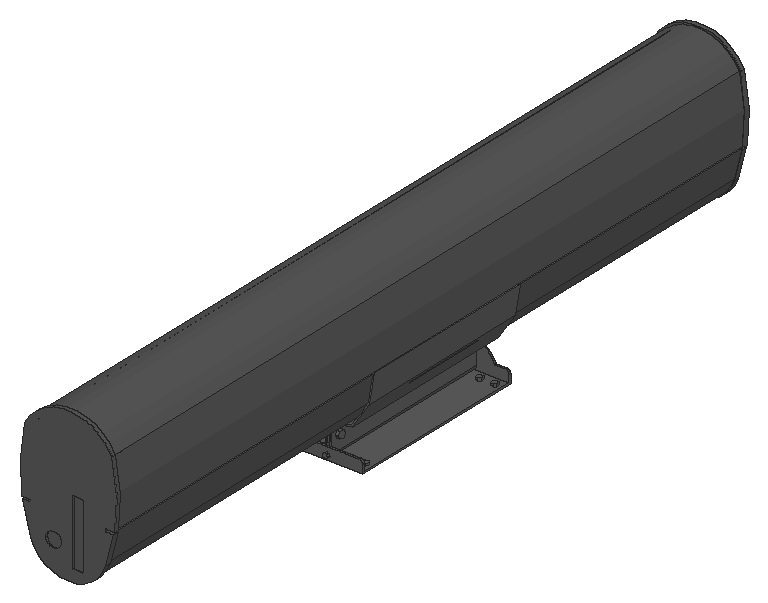
Revit family "Electronics_Desono_Biamp_Compact-Column-Point-Source-Loudspeaker_ENT212", category Communication Devices, host Face, Revit 2020
Family settings
  Host = Face
  Maintain Annotation Orientation = No
  Round Connector Dimension = Use Diameter
  Part Type = Normal
  OmniClass Number = 23.85.10.11.14.14.14
  Cut with Voids When Loaded = No
  Shared = No
  Room Calculation Point = No
Parameters (values of type "ENT212 B")
  Width = 4.64567"  # constant formula
  Weight = 27.9987 lbf  # constant formula
  URL = "https://www.biamp.com/"
  Transducers = "LF   12 x 80mm long excursion mylar driver HF  4 x 3-element Compact Ribbon Emulator"  # constant formula
  Tilt angle [instance] = 0.00°
  Shipping Weight = 33.00 lbf  # constant formula
  Rotate angle [instance] = 0.00°
  Required Accessories = "External High Pass Filter - 100 Hz, 24 dB /octave Digital Signal Processor"  # constant formula
  Recommended Amplifers = "Passive - 325 W - 650 W @ 8 Ω (51 V - 72 V)"  # constant formula
  Product data url = "https://www.bimobject.com/biamp/product/ent212_desono-column-point-source"
  Product Page URL = "https://www.biamp.com/products/product-families/desono/point-source-loudspeakers#ent212"
  Product Documentation Link = "https://downloads.biamp.com/assets/docs/default-source/data-sheets/biamp_data_sheet_desono_ent212.pdf"
  Position Note [instance] = if(Position = 1, "Position A - mounting points are guided by the factory marked pilot holes (please see the Installation/Operation manual for the details)", if(Position = 2, "Position B - mounting points are guided by the factory marked pilot holes (please see the Installation/Operation manual for the details)", if(Position = 3, "Position C - mounting points are guided by the factory marked pilot holes (please see the Installation/Operation manual for the details)", "Enter value 1 to 3")))  # "Position A - mounting points are guided by the factory marked pilot holes (please see the Installation/Operation manual for the details)"
  Position [instance] = 1
  Operating Range = "120 Hz to 22 kHz"  # constant formula
  Operating Mode = "Passive"  # constant formula
  Operating Environment = "Indoor or outdoor"  # constant formula
  Offset speaker [instance] = if(Position = 1, 25.05118", if(Position = 2, 18.64961", 12.25197"))  # 25.05118"
  Nominal Sensitivity = "Passive: 1W - 97dB; 2.83V - 97dB"  # constant formula
  Nominal Maximum SPL (Whole Space) = "Passive: Peak - 128dB; Continuous - 122dB"  # constant formula
  Nominal Beamwidth  (H x V) = "140° x  15°"  # constant formula
  Nom SA [instance] = if(and(Position = 1, or(Tilt angle < 0.00°, Tilt angle = 0.00°)), 0.00°, if(and(Position = 1, and(Tilt angle > 0.00°, Tilt angle < 4.50°)), Tilt angle, if(and(Position = 1, or(Tilt angle > 4.50°, Tilt angle = 4.50°)), 4.50°, if(and(Position = 2, or(Tilt angle < 0.00°, Tilt angle = 0.00°)), 0.00°, if(and(Position = 2, and(Tilt angle > 0.00°, Tilt angle < 6.90°)), Tilt angle, if(and(Position = 2, or(Tilt angle > 6.90°, Tilt angle = 6.90°)), 6.90°, if(and(Position = 3, or(Tilt angle < 0.00°, Tilt angle = 0.00°)), 0.00°, if(and(Position = 3, and(Tilt angle > 0.00°, Tilt angle < 10.80°)), Tilt angle, if(and(Position = 3, or(Tilt angle > 10.80°, Tilt angle = 10.80°)), 10.80°, 0.00°)))))))))  # 0.00°
  Nom RA [instance] = if(or(Rotate angle < -55.00°, Rotate angle = -55.00°), 55.00°, if(and(Rotate angle > -55.00°, Rotate angle < 55.00°), Rotate angle, if(or(Rotate angle > 55.00°, Rotate angle = 55.00°), 55.00°, 0.00°)))  # 0.00°
  Mounting Points = "Small pan-tilt mounting bracket included;(up to 10.8° down-tilt, ± 55° panning)"  # constant formula
  Model = "ENT212 B"
  Manufacturer = "Biamp"  # constant formula
  Input Connection = "NL4-type connector for low impedance operation, and 8-position terminal strip for low impedance or constant voltage operation"  # constant formula
  Housing Material = Biamp - Plastic - Black
  Height_2 = 39.09449"  # constant formula
  Grill Material = Biamp - Plastic - Black(Grid)
  Equalized Sensitivity = "Sustem: 1W - 97dB; 2.83V - 97dB"  # constant formula
  Equalized Maximum SPL = "System: Peak - 128dB; Continuous - 122dB"  # constant formula
  Environmental = "IP54 per IEC 60529, designed in accordance with MIL-STD-810G Included ABS plastic rain cover with integrated cable inlet and 1 (25.4mm) knockout for conduit ingress"  # constant formula
  Description = "Desono™ ENT212 Two-Way, Compact Column Line Source Loudspeaker"  # constant formula
  Depth = 7.48031"  # constant formula
  Default Elevation = 48"
  Continuous Power Handling Nominal Impedance = "Passive; 51V; 325W @ 8Ω (1300W peak)"  # constant formula
  Connector Description = "Terminal strip; Low impedance 8 ohms, 70/100V operation"  # constant formula
  Bracket Material = Biamp - Metal - Black
  Autoformer = "70 V - 120 W,60 W,30 W,15W,7.5 W;100 V - 120 W,60 W,30 W,15 W"  # constant formula
Types (3): name | Model | Housing Material | Grill Material | Bracket Material
  (no name) | "ENT212 B" | Biamp - Plastic - Black | Biamp - Plastic - Black(Grid) | Biamp - Metal - Black
  ENT212 W | "ENT212 W" | Biamp - Plastic - White | Biamp - Plastic - White(Grid) | Biamp - Metal - White
  ENT212 B | "ENT212 B" | Biamp - Plastic - Black | Biamp - Plastic - Black(Grid) | Biamp - Metal - Black
Reference planes (in)
  plane 1 "Center (Front/Back)": y = 0
  plane 2: z = 0
  plane 3 "Center (Left/Right)": x = 0
  plane 4: z = 0.31496
Dimensions and locks (in)
  aligned and locked: plane 2 to host face
  aligned and locked: level to host face
Nested families (in)
  nested 1: "Tilt Bracket" at (0, 0, 0), Rotate angle <- "Nom RA", Slope angle <- "Nom SA", Housing Material <- "Bracket Material", type "Tilt Bracket"
    with Slope angle 0.00°, Rotate angle 0.00°, Housing Material Biamp - Metal - Black
  nested 2: "ENT212" at (0, 4.47638, 5.43033) x (-1, 0, 0) z (0, -1, 0), Grill <- "Grill Material", Housing Material <- "Housing Material", Offset <- "Offset speaker", type "ENT212"
    with Offset 25.05118", Housing Material Biamp - Plastic - Black, Grill Biamp - Plastic - Black(Grid)
Connectors (in)
  electrical at (-0.71337, -20.49801, 3.25247)
    settings: on nested 2, index 1, voltage 0 V, apparent load 0 VA, apparent load phase1 0 VA, apparent load phase2 0 VA, apparent load phase3 0 VA, power factor 1, load classification "Other", number of poles 1, system type 5, power factor state 1, is connector primary yes, connector utility no, sub classification motor no, connector description "NL4 connector; Low impedance 8 ohms"
  electrical at (0.4939, -20.49801, 3.9107), driven by "Connector Description"
    settings: on nested 2, index 2, voltage 0 V, apparent load 0 VA, apparent load phase1 0 VA, apparent load phase2 0 VA, apparent load phase3 0 VA, power factor 1, load classification "Other", number of poles 1, system type 5, power factor state 1, is connector primary no, connector utility no, sub classification motor no, connector description "Terminal strip; Low impedance 8 ohms, 70/100V operation"
Definition of nested family "Tilt Bracket"
  Parameters (values of type "Tilt Bracket")
    URL = ""
    Slope angle [instance] = 0.00°
    Rotate angle [instance] = 0.00°
    Product data url = ""
    Product Page URL = ""
    Product Documentation Link = ""
    Model = ""
    Manufacturer = ""
    Housing Material [instance] = none
    Height = 0"
    Description = ""
    Default Elevation = 48"
  Reference planes (in)
    plane 1 "Center (Front/Back)": y = 0
    plane 2: z = 0
    plane 3 "Center (Left/Right)": x = 0
    plane 4: z = 0.31496
  Forms (in)
    Extrusion 1, solid
      sketch origin (0, 0, 0) x (1, 0, 0) y (0, 1, 0)
        loop
          line (-48, 48) -> (-48, -48) -> (48, -48) -> (48, 48) -> (-48, 48)
      from 0 to -12
    Extrusion 2, solid, material <- "Housing Material"
      sketch origin (0, 0, 0) x (1, 0, 0) y (0, 0, 1)
        loop
          line (-1.77165, 0) -> (1.77165, 0) -> (1.77165, 0.43307)
          arc (1.77165, 0.43307) -> (1.714, 0.57227) -> (1.5748, 0.62992) r 0.19685
          line (1.5748, 0.62992) -> (1.06299, 0.62992)
          arc (1.06299, 0.62992) -> (0, 1.37795) -> (-1.06299, 0.62992) r 1.1293
          line (-1.06299, 0.62992) -> (-1.5748, 0.62992)
          arc (-1.5748, 0.62992) -> (-1.714, 0.57227) -> (-1.77165, 0.43307) r 0.19685
          line (-1.77165, 0.43307) -> (-1.77165, 0)
      from -4.56693 to 4.56693
    Extrusion 3, void
      sketch origin (0, 0, 0) x (0, 1, 0) y (0, 0, 1)
        loop
          line (4.48819, 1.85039) -> (-4.48819, 1.85039) -> (-4.48819, 0.07874) -> (4.48819, 0.07874) -> (4.48819, 1.85039)
      from -3.00698 to 2.93513
    Extrusion 4, void
      sketch origin (0, 0, 0) x (0, 1, 0) y (0, 0, 1)
        loop
          line (-4.05151, 1.85039) -> (-5.23261, 1.85039) -> (-5.23261, 0.62992) -> (-4.05151, 0.62992) -> (-4.05151, 1.85039)
      from -3.00698 to 2.93513
    Extrusion 5, solid, material <- "Housing Material"
      sketch origin (0, 0, 0.31496) x (0, 0, 1) y (-1, 0, 0)
        loop
          line (1.05533, 0.14607) -> (-0.07041, 0.14607)
          arc (-0.07041, 0.14607) -> (-0.21647, 0) -> (-0.07041, -0.14607) r 0.14607
          line (-0.07041, -0.14607) -> (1.05533, -0.14607)
          arc (1.05533, -0.14607) -> (1.15376, -0.24449) -> (1.25218, -0.14607) r 0.09843
          line (1.25218, -0.14607) -> (1.25218, -0.05906) -> (0.14445, -0.05906) -> (0.14445, 0.05906) -> (1.25218, 0.05906) -> (1.25218, 0.14607)
          arc (1.25218, 0.14607) -> (1.15376, 0.24449) -> (1.05533, 0.14607) r 0.09843
      from -4.47638 to 4.47638
    Extrusion 6, solid, material <- "Housing Material"
      sketch origin (0, 0, 0.31496) x (0, 0, 1) y (-1, 0, 0)
        loop
          line (1.15376, 0.24449) -> (-0.02734, 0.24449)
          arc (-0.02734, 0.24449) -> (-0.27183, 0) -> (-0.02734, -0.24449) r 0.24449
          line (-0.02734, -0.24449) -> (1.15376, -0.24449)
          arc (1.15376, -0.24449) -> (1.22336, -0.21566) -> (1.25218, -0.14607) r 0.09843
          line (1.25218, -0.14607) -> (1.25218, 0.14607)
          arc (1.25218, 0.14607) -> (1.22336, 0.21566) -> (1.15376, 0.24449) r 0.09843
      from -4.6063 to -4.56693
    Extrusion 7, solid, material <- "Housing Material", detail levels medium+fine
      sketch origin (0, 0, 0) x (1, 0, 0) y (0, 1, 0)
        loop
          line (-1.41187, 4.15603) -> (-1.55491, 4.11771) -> (-1.59323, 3.97467) -> (-1.48852, 3.86996) -> (-1.34549, 3.90829) -> (-1.30716, 4.05132) -> (-1.41187, 4.15603)
        loop
          line (-0.65662, 4.15603) -> (-0.79966, 4.11771) -> (-0.83799, 3.97467) -> (-0.73328, 3.86996) -> (-0.59024, 3.90829) -> (-0.55191, 4.05132) -> (-0.65662, 4.15603)
        loop
          line (1.41187, 4.15603) -> (1.30716, 4.05132) -> (1.34549, 3.90829) -> (1.48852, 3.86996) -> (1.59323, 3.97467) -> (1.55491, 4.11771) -> (1.41187, 4.15603)
        loop
          line (0.65662, 4.15603) -> (0.55191, 4.05132) -> (0.59024, 3.90829) -> (0.73328, 3.86996) -> (0.83799, 3.97467) -> (0.79966, 4.11771) -> (0.65662, 4.15603)
        loop
          line (-1.41187, -4.15603) -> (-1.30716, -4.05132) -> (-1.34549, -3.90829) -> (-1.48852, -3.86996) -> (-1.59323, -3.97467) -> (-1.55491, -4.11771) -> (-1.41187, -4.15603)
        loop
          line (-0.65662, -4.15603) -> (-0.55191, -4.05132) -> (-0.59024, -3.90829) -> (-0.73328, -3.86996) -> (-0.83799, -3.97467) -> (-0.79966, -4.11771) -> (-0.65662, -4.15603)
        loop
          line (1.41187, -4.15603) -> (1.55491, -4.11771) -> (1.59323, -3.97467) -> (1.48852, -3.86996) -> (1.34549, -3.90829) -> (1.30716, -4.05132) -> (1.41187, -4.15603)
        loop
          line (0.65662, -4.15603) -> (0.79966, -4.11771) -> (0.83799, -3.97467) -> (0.73328, -3.86996) -> (0.59024, -3.90829) -> (0.55191, -4.05132) -> (0.65662, -4.15603)
      from 0.07874 to 0.19685
    Extrusion 8, solid, material <- "Housing Material", detail levels medium+fine
      sketch origin (-0.14607, 0, 1.37029) x (0, 0, -1) y (0, -1, 0)
        loop
          line (0.15695, 4.1717) -> (0.15695, 3.97485) -> (0.32743, 3.87642) -> (0.49791, 3.97485) -> (0.49791, 4.1717) -> (0.32743, 4.27012) -> (0.15695, 4.1717)
      from 0 to 0.19685
    Extrusion 9, solid, material <- "Housing Material", detail levels medium+fine
      sketch origin (-0.14607, 0, 1.37029) x (0, 0, -1) y (0, -1, 0)
        loop
          line (0.15695, 4.1717) -> (0.15695, 3.97485) -> (0.32743, 3.87642) -> (0.49791, 3.97485) -> (0.49791, 4.1717) -> (0.32743, 4.27012) -> (0.15695, 4.1717)
      from -0.48819 to -0.29213
    Extrusion 10, solid, material <- "Housing Material", detail levels medium+fine
      sketch origin (0, 4.6063, 0.31496) x (0, 0, -1) y (-1, 0, 0)
        loop
          circle (-1.15376, -0.15463) r 0.07784
        loop
          circle (-1.15376, 0.15463) r 0.07784
      from 0 to 0.11811
    Extrusion 11, solid, material <- "Housing Material", detail levels medium+fine
      sketch origin (0, 4.6063, 0.31496) x (0, 0, -1) y (-1, 0, 0)
        loop
          line (-0.0514, 0.02148) -> (-0.0091, -0.09475) -> (0.11271, -0.11623) -> (0.19221, -0.02148) -> (0.14991, 0.09475) -> (0.0281, 0.11623) -> (-0.0514, 0.02148)
      from 0 to 0.11811
    Extrusion 12, solid, material <- "Housing Material", detail levels medium+fine
      sketch origin (0, -1.71654, 0.31496) x (0, 0, -1) y (1, 0, 0)
        loop
          line (-0.0514, -0.02148) -> (0.0281, -0.11623) -> (0.14991, -0.09475) -> (0.19221, 0.02148) -> (0.11271, 0.11623) -> (-0.0091, 0.09475) -> (-0.0514, -0.02148)
      from 2.85039 to 2.9685
  Cuts and joins
    Extrusion 3, Extrusion 4 cuts Extrusion 2
  Lines and regions (in)
    Masking region 1
      outline origin (0, 0, 0) x (1, 0, 0) y (0, 1, 0)
        loop
          line (-1.77165, 4.56693) -> (-1.77165, -4.56693) -> (1.77165, -4.56693) -> (1.77165, 4.56693) -> (-1.77165, 4.56693)
    Masking region 2
      outline origin (0, 0, 0) x (1, 0, 0) y (0, 0, 1)
        loop
          line (-1.77165, 0.43307) -> (-1.77165, 0) -> (1.77165, 0) -> (1.77165, 0.43307)
          arc (1.77165, 0.43307) -> (1.714, 0.57227) -> (1.5748, 0.62992) r 0.19685
          line (1.5748, 0.62992) -> (-1.5748, 0.62992)
          arc (-1.5748, 0.62992) -> (-1.714, 0.57227) -> (-1.77165, 0.43307) r 0.19685
    Masking region 3
      outline origin (0, 0, 0) x (1, 0, 0) y (0, 0, 1)
        loop
          arc (1.06299, 0.62992) -> (0, 1.37795) -> (-1.06299, 0.62992) r 1.1293
          line (-1.06299, 0.62992) -> (1.06299, 0.62992)
    Masking region 4
      outline origin (0, 0, 0.31496) x (0, 0, 1) y (-1, 0, 0)
        loop
          line (1.05533, 0.14607) -> (-0.07041, 0.14607)
          arc (-0.07041, 0.14607) -> (-0.21647, 0) -> (-0.07041, -0.14607) r 0.14607
          line (-0.07041, -0.14607) -> (1.05533, -0.14607)
          arc (1.05533, -0.14607) -> (1.15376, -0.24449) -> (1.25218, -0.14607) r 0.09843
          line (1.25218, -0.14607) -> (1.25218, -0.05906) -> (0.14445, -0.05906) -> (0.14445, 0.05906) -> (1.25218, 0.05906) -> (1.25218, 0.14607)
          arc (1.25218, 0.14607) -> (1.15376, 0.24449) -> (1.05533, 0.14607) r 0.09843
    reference lines
      curve 1: line (0, 0, 0.31496) -> (0, 0, 2.67717)
      curve 2: line (0, -1.12051, 1.04286) -> (0, -4.07327, 1.04286)
      curve 3: line (0, -4.07327, 1.04286) -> (0, -1.07496, 1.04286)
  Dimensions and locks (in)
    "Rotate angle": angle curve 1 to plane 3 "Center (Left/Right)"
    "Slope angle": angle curve 3 to curve 2
    aligned and locked: plane 2 to Extrusion 1
    aligned and locked: level to Extrusion 1
    aligned and locked: plane 4 to curve 1
    aligned and locked: plane 3 "Center (Left/Right)" to curve 1
  Automatic sketch dimensions
    Extrusion 1 sketch curve to Extrusion 1 sketch curve = 96"  (x2)
    Extrusion 2 sketch curve to level = 0"
    Extrusion 2 sketch curve to plane 3 "Center (Left/Right)" = 0"
    plane 4 to Extrusion 2 sketch curve = 0.31496"  (x2)
    Extrusion 2 sketch curve to plane 3 "Center (Left/Right)" = 1.06299"
    Extrusion 2 sketch curve to Extrusion 2 sketch curve = 0.51181"  (x2)
    plane 4 to Extrusion 2 sketch curve = 0.11811"  (x2)
    Extrusion 2 sketch curve to plane 4 = 0.06631"
    curve 1 to Extrusion 5 sketch curve = 0"
    Extrusion 5 sketch curve to curve 1 = 0.07041"
    Extrusion 5 sketch curve to curve 1 = 0.05906"
    curve 1 to Extrusion 5 sketch curve = 0.14445"
    curve 1 to Extrusion 5 sketch curve = 0.14607"
    Extrusion 5 sketch curve to Extrusion 5 sketch curve = 0.91089"
    Extrusion 5 sketch curve to Extrusion 5 sketch curve = 0"
    Extrusion 5 sketch curve to Extrusion 5 sketch curve = 0.09843"  (x2)
    curve 1 to Extrusion 5 sketch curve = 0.05906"
    curve 1 to Extrusion 6 sketch curve = 0"
    Extrusion 6 sketch curve to curve 1 = 0.02734"
    Extrusion 6 sketch curve to curve 1 = 0.14607"
    curve 1 to Extrusion 6 sketch curve = 1.15376"
    curve 1 to Extrusion 6 sketch curve = 0.14607"
    Extrusion 6 sketch curve to Extrusion 6 sketch curve = 0.09843"
    Extrusion 5 to Extrusion 8 sketch curve = 0.15695"
    Extrusion 8 sketch curve to Extrusion 8 sketch curve = 0.17048"  (x3)
    Extrusion 5 to Extrusion 8 sketch curve = 0.59996"
    Extrusion 8 sketch curve to Extrusion 8 sketch curve = 0.09843"  (x3)
    Extrusion 8 sketch curve to Extrusion 8 sketch curve = 0.19685"  (x2)
    Extrusion 5 to Extrusion 9 sketch curve = 0.15695"
    Extrusion 9 sketch curve to Extrusion 9 sketch curve = 0.17048"  (x3)
    Extrusion 5 to Extrusion 9 sketch curve = 0.59996"
    Extrusion 9 sketch curve to Extrusion 9 sketch curve = 0.09843"  (x3)
    Extrusion 9 sketch curve to Extrusion 9 sketch curve = 0.19685"  (x2)
    Extrusion 10 sketch curve to Extrusion 6 = 0.09843"  (x2)
    Extrusion 10 sketch curve to Extrusion 6 = 0.08986"  (x2)
    Extrusion 11 sketch curve to Extrusion 6 = 0.22301"  (x2)
    Extrusion 11 sketch curve to Extrusion 6 = 1.20078"
    Extrusion 11 sketch curve to Extrusion 6 = 0.14974"  (x2)
    Extrusion 11 sketch curve to Extrusion 11 sketch curve = 0.0423"  (x2)
    Extrusion 11 sketch curve to Extrusion 6 = 0.12826"  (x2)
    Extrusion 11 sketch curve to Extrusion 11 sketch curve = 0.07951"
    Extrusion 11 sketch curve to Extrusion 11 sketch curve = 0.12181"  (x2)
    Extrusion 12 sketch curve to plane 3 "Center (Left/Right)" = 0.02148"
    plane 4 to Extrusion 12 sketch curve = 0.0514"
    plane 4 to Extrusion 12 sketch curve = 0.0091"
    Extrusion 12 sketch curve to plane 4 = 0.0281"
    Extrusion 12 sketch curve to plane 4 = 0.11271"
    Extrusion 12 sketch curve to Extrusion 12 sketch curve = 0.12181"
    plane 3 "Center (Left/Right)" to Extrusion 12 sketch curve = 0.02148"
    level to Extrusion 12 sketch curve = 0.12275"
    Extrusion 12 sketch curve to plane 3 "Center (Left/Right)" = 0.09475"
    Extrusion 12 sketch curve to plane 3 "Center (Left/Right)" = 0.11623"
    plane 3 "Center (Left/Right)" to Extrusion 12 sketch curve = 0.09475"
    plane 3 "Center (Left/Right)" to Extrusion 12 sketch curve = 0.11623"
    Masking region 1 sketch curve to plane 3 "Center (Left/Right)" = 1.77165"
    plane 3 "Center (Left/Right)" to Masking region 1 sketch curve = 1.77165"
    plane 1 "Center (Front/Back)" to Masking region 1 sketch curve = 4.56693"
    Masking region 1 sketch curve to plane 1 "Center (Front/Back)" = 4.56693"
    Masking region 2 sketch curve to level = 0"
    plane 4 to Masking region 2 sketch curve = 0.11811"  (x2)
    Masking region 2 sketch curve to plane 3 "Center (Left/Right)" = 1.77165"
    Masking region 2 sketch curve to Masking region 2 sketch curve = 0.19685"
    plane 3 "Center (Left/Right)" to Masking region 2 sketch curve = 1.5748"
    Masking region 3 sketch curve to plane 3 "Center (Left/Right)" = 0"
    Masking region 3 sketch curve to plane 4 = 0.06631"
    plane 4 to Masking region 3 sketch curve = 0.31496"
    Masking region 3 sketch curve to plane 3 "Center (Left/Right)" = 1.06299"
    curve 1 to Masking region 4 sketch curve = 0"
    Masking region 4 sketch curve to curve 1 = 0.07041"
    curve 1 to Masking region 4 sketch curve = 0.05906"
    curve 1 to Masking region 4 sketch curve = 0.14445"
    curve 1 to Masking region 4 sketch curve = 0.14607"
    Masking region 4 sketch curve to Masking region 4 sketch curve = 0.91089"
    Masking region 4 sketch curve to Masking region 4 sketch curve = 0"
    Masking region 4 sketch curve to Masking region 4 sketch curve = 0.09843"  (x2)
    Masking region 4 sketch curve to curve 1 = 0.05906"
    plane 4 to Extrusion 4 sketch curve = 1.53543"
    plane 1 "Center (Front/Back)" to Extrusion 4 sketch curve = 5.23261"
    plane 4 to Extrusion 4 sketch curve = 0.31496"
    Extrusion 4 sketch curve to Extrusion 4 sketch curve = 1.1811"
    plane 4 to Extrusion 3 sketch curve = 1.53543"
    plane 1 "Center (Front/Back)" to Extrusion 3 sketch curve = 4.48819"
    level to Extrusion 3 sketch curve = 0.07874"
    Extrusion 3 sketch curve to plane 1 "Center (Front/Back)" = 4.48819"
    Extrusion 7 sketch curve to plane 3 "Center (Left/Right)" = 1.59323"  (x2)
    Extrusion 7 sketch curve to Extrusion 7 sketch curve = 0.03833"  (x26)
    Extrusion 7 sketch curve to Extrusion 7 sketch curve = 0.10471"  (x22)
    Extrusion 7 sketch curve to Extrusion 7 sketch curve = 0.14304"  (x32)
    Extrusion 7 sketch curve to Extrusion 7 sketch curve = 0.46917"  (x4)
    plane 3 "Center (Left/Right)" to Extrusion 7 sketch curve = 0.55191"  (x2)
    plane 1 "Center (Front/Back)" to Extrusion 7 sketch curve = 4.15603"
    Extrusion 7 sketch curve to Extrusion 7 sketch curve = 0"  (x6)
    Extrusion 7 sketch curve to plane 1 "Center (Front/Back)" = 3.86996"
    curve 1 to curve 2 = 0.7279"
    curve 1 to curve 3 = 4.07327"
    radius of Extrusion 10 sketch curve = 0.07784"  (x2)
  Nested families (in)
    nested 1: "Family4" at (0, 4.47638, 2.94468) x (1, 0, 0) z (0, -1, 0), Bracket Material <- "Housing Material", type "Family4"
      with Bracket Material none
  Definition of nested family "Family4"
    Parameters (values of type "Family4")
      Height = 0"
      Default Elevation = 48"
      Bracket Material [instance] = none
    Reference planes (in)
      plane 1 "Center (Front/Back)": y = 0
      plane 2: z = 0
      plane 3 "Center (Left/Right)": x = 0
    Forms (in)
      Extrusion 1, solid, material <- "Bracket Material"
        sketch origin (0, 0, 0) x (1, 0, 0) y (0, 1, 0)
          loop
            line (-1.98147, 0.23976) -> (-2.19371, 1.57983) -> (-1.85078, 1.57983) -> (-1.85078, 1.67386) -> (-2.28833, 1.67386) -> (-2.05662, 0.21091) -> (-1.22109, -1.0757) -> (-0.04675, -1.31511) -> (-0.04675, -2.16535) -> (0.04675, -2.16535) -> (0.04675, -1.31511) -> (1.22109, -1.0757) -> (2.05662, 0.21091) -> (2.28833, 1.67386) -> (1.85078, 1.67386) -> (1.85078, 1.57983) -> (2.19371, 1.57983) -> (1.98147, 0.23976) -> (1.17302, -1.00514) -> (0, -1.24428) -> (-1.17302, -1.00514) -> (-1.98147, 0.23976)
        from 0 to 8.95276
    Lines and regions (in)
      Masking region 1
        outline origin (0, 0, 0) x (1, 0, 0) y (0, 1, 0)
          loop
            line (-2.05662, 0.21091) -> (-1.22109, -1.0757) -> (-0.04675, -1.31511) -> (-0.04675, -2.16535) -> (0.04675, -2.16535) -> (0.04675, -1.31511) -> (1.22109, -1.0757) -> (2.05662, 0.21091) -> (2.28833, 1.67386) -> (1.85078, 1.67386) -> (1.85078, 1.57983) -> (2.19371, 1.57983) -> (1.98147, 0.23976) -> (1.17302, -1.00514) -> (0, -1.24428) -> (-1.17302, -1.00514) -> (-1.98147, 0.23976) -> (-2.19371, 1.57983) -> (-1.85078, 1.57983) -> (-1.85078, 1.67386) -> (-2.28833, 1.67386) -> (-2.05662, 0.21091)
      Masking region 2
        outline origin (0, 0, 0) x (1, 0, 0) y (0, 0, 1)
          loop
            line (-2.28833, 8.95276) -> (-2.28833, 0) -> (-2.05662, 0) -> (-2.05662, 8.95276) -> (-2.28833, 8.95276)
          loop
            line (2.28833, 8.95276) -> (2.05662, 8.95276) -> (2.05662, 0) -> (2.28833, 0) -> (2.28833, 8.95276)
          loop
            line (-1.22109, 8.95276) -> (-1.22109, 0) -> (1.22109, 0) -> (1.22109, 8.95276) -> (-1.22109, 8.95276)
      Masking region 3
        outline origin (0, 0, 0) x (1, 0, 0) y (0, 0, 1)
          loop
            line (-2.05662, 8.95276) -> (-2.05662, 0) -> (-1.22109, 0) -> (-1.22109, 8.95276) -> (-2.05662, 8.95276)
          loop
            line (1.22109, 8.95276) -> (1.22109, 0) -> (2.05662, 0) -> (2.05662, 8.95276) -> (1.22109, 8.95276)
          loop
            line (-0.04675, 8.95276) -> (-0.04675, 0) -> (0.04675, 0) -> (0.04675, 8.95276) -> (-0.04675, 8.95276)
    Dimensions and locks (in)
      aligned and locked: level to plane 2
Definition of nested family "ENT212"
  Parameters (values of type "ENT212")
    Offset [instance] = 1.9685"
    Housing Material [instance] = none
    Grill [instance] = none
    Default Elevation = 48"
  Reference planes (in)
    plane 1 "Center (Front/Back)": y = 0
    plane 2: z = 0
    plane 3 "Center (Left/Right)": x = 0
  Forms (in)
    Extrusion 1, solid, material <- "Housing Material", detail levels coarse
      sketch origin (-4.6479, 0, 1.9685) x (0, -1, 0) y (-1, 0, 0)
        loop
          arc (-2.41627, -2.84622) -> (-3.68805, -4.6479) -> (-2.41627, -6.44958) r 1.91207
          arc (-2.41627, -6.44958) -> (0, -6.93922) -> (2.45687, -6.73452) r 8.73895
          arc (2.45687, -6.73452) -> (3.72982, -4.6479) -> (2.45687, -2.56128) r 2.34667
          arc (2.45687, -2.56128) -> (0, -2.35658) -> (-2.41627, -2.84622) r 8.73895
      from 0 to 39.10984
    Extrusion 2, solid, material <- "Housing Material", detail levels medium+fine
      sketch origin (-4.6479, 0, 1.9685) x (0, -1, 0) y (-1, 0, 0)
        loop
          arc (-2.44264, -2.77202) -> (-3.76679, -4.6479) -> (-2.44264, -6.52378) r 1.99081
          arc (-2.44264, -6.52378) -> (-1.68569, -6.75508) -> (-0.91106, -6.91758) r 8.81769
          line (-0.91106, -6.91758) -> (-0.91106, -6.49868) -> (-0.80552, -6.49868) -> (-0.80552, -6.93416)
          arc (-0.80552, -6.93416) -> (0.84513, -7.02649) -> (2.48401, -6.80908) r 8.81769
          arc (2.48401, -6.80908) -> (3.80856, -4.6479) -> (2.48401, -2.48672) r 2.42541
          arc (2.48401, -2.48672) -> (0.84513, -2.26931) -> (-0.80552, -2.36164) r 8.81769
          line (-0.80552, -2.36164) -> (-0.80552, -2.79712) -> (-0.91106, -2.79712) -> (-0.91106, -2.37822)
          arc (-0.91106, -2.37822) -> (-1.68569, -2.54072) -> (-2.44264, -2.77202) r 8.81769
      from 0 to 0.19685
    Extrusion 3, solid, material <- "Housing Material", detail levels medium+fine
      sketch origin (-4.6479, 0, 1.9685) x (0, -1, 0) y (-1, 0, 0)
        loop
          arc (-2.44264, -2.77202) -> (-3.76679, -4.6479) -> (-2.44264, -6.52378) r 1.99081
          arc (-2.44264, -6.52378) -> (-1.68569, -6.75508) -> (-0.91106, -6.91758) r 8.81769
          line (-0.91106, -6.91758) -> (-0.91106, -6.49868) -> (-0.80552, -6.49868) -> (-0.80552, -6.93416)
          arc (-0.80552, -6.93416) -> (0.84513, -7.02649) -> (2.48401, -6.80908) r 8.81769
          arc (2.48401, -6.80908) -> (3.80856, -4.6479) -> (2.48401, -2.48672) r 2.42541
          arc (2.48401, -2.48672) -> (0.84513, -2.26931) -> (-0.80552, -2.36164) r 8.81769
          line (-0.80552, -2.36164) -> (-0.80552, -2.79712) -> (-0.91106, -2.79712) -> (-0.91106, -2.37822)
          arc (-0.91106, -2.37822) -> (-1.68569, -2.54072) -> (-2.44264, -2.77202) r 8.81769
      from 38.91339 to 39.10984
    Extrusion 4, solid, material <- "Housing Material", detail levels medium+fine
      sketch origin (-4.6479, 0, 1.9685) x (0, -1, 0) y (-1, 0, 0)
        loop
          arc (-2.41627, -2.84622) -> (-3.68805, -4.6479) -> (-2.41627, -6.44958) r 1.91207
          arc (-2.41627, -6.44958) -> (-1.67231, -6.67722) -> (-0.91106, -6.83779) r 8.73895
          line (-0.91106, -6.83779) -> (-0.91106, -6.49868) -> (-0.80552, -6.49868) -> (-0.80552, -6.85452)
          arc (-0.80552, -6.85452) -> (0.83132, -6.94821) -> (2.45687, -6.73452) r 8.73895
          line (2.45687, -6.73452) -> (2.45687, -2.56128)
          arc (2.45687, -2.56128) -> (0.83132, -2.34759) -> (-0.80552, -2.44128) r 8.73895
          line (-0.80552, -2.44128) -> (-0.80552, -2.79712) -> (-0.91106, -2.79712) -> (-0.91106, -2.45801)
          arc (-0.91106, -2.45801) -> (-1.67231, -2.61858) -> (-2.41627, -2.84622) r 8.73895
      from 0.19685 to 38.91339
    Extrusion 5, solid, material <- "Grill", detail levels medium+fine
      sketch origin (-4.6479, 0, 1.9685) x (0, -1, 0) y (-1, 0, 0)
        loop
          line (2.45687, -2.56128) -> (2.45687, -2.78541)
          arc (2.45687, -2.78541) -> (3.53297, -4.6479) -> (2.45687, -6.51039) r 2.14982
          line (2.45687, -6.51039) -> (2.45687, -6.73452)
          arc (2.45687, -6.73452) -> (3.72982, -4.6479) -> (2.45687, -2.56128) r 2.34667
      from 0.19685 to 38.91339
    Extrusion 6, void
      sketch origin (-4.6479, 0, 1.9685) x (-1, 0, 0) y (0, -1, 0)
        loop
          line (-3.87103, -3.16826) -> (-3.87103, 0.12899) -> (-4.43697, 0.12899) -> (-4.43697, -3.16826) -> (-3.87103, -3.16826)
        loop
          circle (-5.36127, -2.17786) r 0.3937
      from -0.07679 to 0
  Cuts and joins
    Extrusion 6 cuts Extrusion 1
    Extrusion 6 cuts Extrusion 2
    Extrusion 6 cuts Extrusion 4
    Extrusion 6 cuts Extrusion 3
  Lines and regions (in)
    Masking region 1
      outline origin (-4.6479, 0, -11.85039) x (0, -1, 0) y (1, 0, 0)
        loop
          arc (-2.44264, 6.52378) -> (-3.76679, 4.6479) -> (-2.44264, 2.77202) r 1.99081
          arc (-2.44264, 2.77202) -> (-1.68569, 2.54072) -> (-0.91106, 2.37822) r 8.81769
          line (-0.91106, 2.37822) -> (-0.91106, 2.79712) -> (-0.80552, 2.79712) -> (-0.80552, 2.36164)
          arc (-0.80552, 2.36164) -> (0.84513, 2.26931) -> (2.48401, 2.48672) r 8.81769
          arc (2.48401, 2.48672) -> (3.80856, 4.6479) -> (2.48401, 6.80908) r 2.42541
          arc (2.48401, 6.80908) -> (0.84513, 7.02649) -> (-0.80552, 6.93416) r 8.81769
          line (-0.80552, 6.93416) -> (-0.80552, 6.49868) -> (-0.91106, 6.49868) -> (-0.91106, 6.91758)
          arc (-0.91106, 6.91758) -> (-1.68569, 6.75508) -> (-2.44264, 6.52378) r 8.81769
    Masking region 2
      outline origin (-4.6479, 0, 5.74803) x (1, 0, 0) y (0, 0, 1)
        loop
          line (2.26294, -3.77953) -> (2.26294, -3.97638) -> (7.03286, -3.97638) -> (7.03286, -3.77953) -> (2.26294, -3.77953)
        loop
          line (2.26294, -42.69252) -> (2.26294, -42.88937) -> (7.03286, -42.88937) -> (7.03286, -42.69252) -> (2.26294, -42.69252)
    Masking region 3
      outline origin (-4.6479, 0, 5.74803) x (1, 0, 0) y (0, 0, 1)
        loop
          line (2.56128, -3.97638) -> (2.34168, -3.97638) -> (2.34168, -42.69291) -> (2.56128, -42.69291) -> (2.56128, -3.97638)
        loop
          line (6.73452, -3.97638) -> (6.73452, -42.69291) -> (6.95412, -42.69291) -> (6.95412, -3.97638) -> (6.73452, -3.97638)
    Masking region 4
      outline origin (-4.6479, 0, 5.74803) x (1, 0, 0) y (0, 0, 1)
        loop
          line (2.56128, -3.97638) -> (2.56128, -42.69291) -> (6.73452, -42.69291) -> (6.73452, -3.97638) -> (2.56128, -3.97638)
    reference lines
      curve 1: line (-4.6479, 0, 1.9685) -> (6.17887, 0, 1.9685)
  Dimensions and locks (in)
    "Offset": curve 1 to plane 2
    aligned and locked: level to plane 2
  Automatic sketch dimensions
    Masking region 1 sketch curve to Masking region 1 sketch curve = 0"  (x5)
    Masking region 1 sketch curve to plane 3 "Center (Left/Right)" = 0"  (x2)
    Masking region 1 sketch curve to plane 1 "Center (Front/Back)" = 1.77598"
    Masking region 1 sketch curve to plane 1 "Center (Front/Back)" = 0.91106"  (x2)
    Masking region 1 sketch curve to Masking region 1 sketch curve = 0.10554"  (x2)
    plane 1 "Center (Front/Back)" to Masking region 1 sketch curve = 0.51011"  (x2)
    plane 1 "Center (Front/Back)" to Masking region 1 sketch curve = 1.38315"
    Masking region 1 sketch curve to plane 3 "Center (Left/Right)" = 1.85078"
    Masking region 1 sketch curve to Masking region 1 sketch curve = 0.4189"  (x2)
    Masking region 1 sketch curve to Masking region 1 sketch curve = 0.01658"  (x2)
    Masking region 1 sketch curve to Masking region 1 sketch curve = 4.14647"  (x2)
    plane 3 "Center (Left/Right)" to Masking region 1 sketch curve = 1.85078"
    Masking region 1 sketch curve to plane 3 "Center (Left/Right)" = 2.16118"
    Extrusion 2 sketch curve to Extrusion 2 sketch curve = 0"  (x5)
    Extrusion 2 sketch curve to curve 1 = 1.77598"
    Extrusion 2 sketch curve to curve 1 = 0.91106"  (x2)
    Extrusion 2 sketch curve to Extrusion 2 sketch curve = 0.10554"  (x2)
    curve 1 to Extrusion 2 sketch curve = 0.51011"  (x2)
    curve 1 to Extrusion 2 sketch curve = 1.38315"
    Extrusion 2 sketch curve to curve 1 = 1.78483"
    curve 1 to Extrusion 2 sketch curve = 2.36164"
    Extrusion 2 sketch curve to Extrusion 2 sketch curve = 0.01658"  (x2)
    Extrusion 2 sketch curve to Extrusion 2 sketch curve = 0.4189"  (x2)
    Extrusion 2 sketch curve to Extrusion 2 sketch curve = 1.85078"  (x3)
    curve 1 to Extrusion 2 sketch curve = 0.25386"
    Extrusion 2 sketch curve to Extrusion 2 sketch curve = 1.10086"
    Extrusion 3 sketch curve to Extrusion 3 sketch curve = 0"  (x5)
    Extrusion 3 sketch curve to curve 1 = 1.77598"
    Extrusion 3 sketch curve to curve 1 = 0.91106"  (x2)
    Extrusion 3 sketch curve to Extrusion 3 sketch curve = 0.10554"  (x2)
    curve 1 to Extrusion 3 sketch curve = 0.51011"  (x2)
    curve 1 to Extrusion 3 sketch curve = 1.38315"
    Extrusion 3 sketch curve to curve 1 = 1.78483"
    curve 1 to Extrusion 3 sketch curve = 2.36164"
    Extrusion 3 sketch curve to Extrusion 3 sketch curve = 0.01658"  (x2)
    Extrusion 3 sketch curve to Extrusion 3 sketch curve = 0.4189"  (x2)
    Extrusion 3 sketch curve to Extrusion 3 sketch curve = 1.85078"  (x3)
    curve 1 to Extrusion 3 sketch curve = 0.25386"
    Extrusion 3 sketch curve to Extrusion 3 sketch curve = 1.10086"
    Extrusion 4 sketch curve to Extrusion 4 sketch curve = 0"  (x5)
    Extrusion 4 sketch curve to curve 1 = 1.77598"
    Extrusion 4 sketch curve to curve 1 = 0.91106"  (x2)
    Extrusion 4 sketch curve to Extrusion 4 sketch curve = 0.10554"  (x2)
    curve 1 to Extrusion 4 sketch curve = 0.51011"  (x2)
    curve 1 to Extrusion 4 sketch curve = 2.45687"
    Extrusion 4 sketch curve to curve 1 = 1.78483"
    curve 1 to Extrusion 4 sketch curve = 2.44128"
    Extrusion 4 sketch curve to Extrusion 4 sketch curve = 0.01673"  (x2)
    curve 1 to Extrusion 4 sketch curve = 2.56128"
    Extrusion 4 sketch curve to Extrusion 4 sketch curve = 0.33911"
    Extrusion 4 sketch curve to Extrusion 4 sketch curve = 1.85078"  (x2)
    Extrusion 4 sketch curve to Extrusion 4 sketch curve = 0.23584"
    Extrusion 5 sketch curve to Extrusion 5 sketch curve = 0"  (x2)
    curve 1 to Extrusion 5 sketch curve = 1.38315"
    Extrusion 5 sketch curve to Extrusion 5 sketch curve = 1.07371"  (x2)
    curve 1 to Extrusion 5 sketch curve = 2.56128"
    Extrusion 5 sketch curve to Extrusion 5 sketch curve = 0.22414"
    Extrusion 5 sketch curve to Extrusion 5 sketch curve = 1.86249"
    Extrusion 1 sketch curve to curve 1 = 1.77598"
    curve 1 to Extrusion 1 sketch curve = 0.51011"  (x2)
    curve 1 to Extrusion 1 sketch curve = 1.38315"
    Extrusion 1 sketch curve to curve 1 = 1.78483"
    curve 1 to Extrusion 1 sketch curve = 4.6479"
    Extrusion 1 sketch curve to Extrusion 1 sketch curve = 0"  (x2)
    curve 1 to Extrusion 1 sketch curve = 0.25386"
    Extrusion 1 sketch curve to Extrusion 1 sketch curve = 0.64029"  (x2)
    Extrusion 1 sketch curve to Extrusion 1 sketch curve = 1.07371"
    curve 1 to Masking region 2 sketch curve = 2.26294"  (x2)
    Masking region 2 sketch curve to curve 1 = 3.79391"  (x2)
    Masking region 2 sketch curve to curve 1 = 39.10984"
    Masking region 2 sketch curve to Masking region 2 sketch curve = 0.19685"  (x2)
    Masking region 2 sketch curve to curve 1 = 0.19685"
    curve 1 to Masking region 3 sketch curve = 2.34168"
    Masking region 3 sketch curve to Masking region 3 sketch curve = 0.2196"  (x2)
    Masking region 3 sketch curve to curve 1 = 4.09225"
    Masking region 3 sketch curve to curve 1 = 38.91339"  (x2)
    Masking region 3 sketch curve to curve 1 = 0.19685"  (x2)
    Extrusion 6 sketch curve to curve 1 = 2.17786"
    Extrusion 6 sketch curve to curve 1 = 5.36127"
    Extrusion 6 sketch curve to Extrusion 6 sketch curve = 0.9243"
    Extrusion 6 sketch curve to Extrusion 6 sketch curve = 0.56594"
    Extrusion 6 sketch curve to Extrusion 6 sketch curve = 0.99039"
    curve 1 to Extrusion 6 sketch curve = 0.12899"
    curve 1 to Masking region 4 sketch curve = 2.56128"
    Masking region 4 sketch curve to curve 1 = 4.09225"
    Masking region 4 sketch curve to curve 1 = 38.91339"
    curve 1 to Masking region 4 sketch curve = 0.19685"
    curve 1 to plane 3 "Center (Left/Right)" = 4.6479"
    plane 3 "Center (Left/Right)" to curve 1 = 6.17887"
    radius of Extrusion 6 sketch curve = 0.3937"
